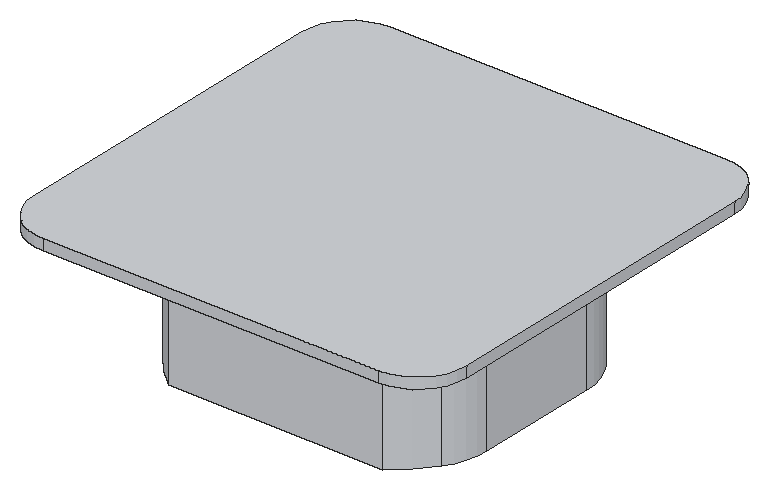
Revit family "Gira_540300", category Electrical Fixtures, host Face, Revit 2017
Family settings
  Host = Face
  Maintain Annotation Orientation = Yes
  Round Connector Dimension = Use Diameter
  Part Type = Normal
  Cut with Voids When Loaded = No
  Shared = No
  Room Calculation Point = No
Parameters (values of type "S3000 Relaisschalteins. Einsatz")
  Zusammenstellung = "Basiselement"
  Werkstoffgüte = "sonstige"
  Werkstoff = "sonstige"
  Verwendbar mit Zeitschalter/Timer = "No"
  Verwendbar mit Taste = "Yes"
  Verwendbar mit Präsenzmelder = "Yes"
  Verwendbar mit IR-Taste = "No"
  Verwendbar mit Funktaste = "No"
  Verwendbar mit Bewegungsmelder = "Yes"
  URL = "http://katalog.gira.de/de_DE/datenblatt.html?artikelnr=540300"
  Transparent = "No"
  Region = "DE"
  Oberfläche = "sonstige"
  Nennspannung = "230 Volt"
  Nebenstelleneingang = "Yes"
  Name = "S3000 Relaisschalteins. Einsatz"
  Montageart = "unter Putz"
  Manufacturer URL = "https://www.gira.de/"
  Lichtwertspeicher = "No"
  Lastart = "sonstige"
  Keynote = "Einsatz_1fach"
  HeinzeBIM = "https://bimportal.heinze.de/bim/s3000-relaisschalteins-einsatz/9acea7945f3274139b40b1c3c1f8143ba9804d9f"
  HAN = "540300"
  GTIN = "4010337048282"
  Frequenz = "50 - 60"
  Farbe = "sonstige"
  Default Elevation = 1219.2 mm
  Data sheet (1) = "https://katalog.gira.de/de_DE/download.html?artikelnr=540300"
  Category = "Elektronischer Schalter"
  Befestigungsart = "Krallen-/Schraubbefestigung"
  Available = "Yes"
  Ausführung der Oberfläche = "nicht zutreffend"
  Ausführung = "Relais"
Reference planes
  plane 1 "Center (Front/Back)": y = 0
  plane 2: z = 0
  plane 3 "Center (Left/Right)": x = 0
Forms (mm)
  Extrusion 1, solid, detail levels fine
    sketch origin (0, 0, 0) x (1, 0, 0) y (0, 1, 0)
      loop
        line (27.475, 35.475) -> (-27.475, 35.475)
        arc (-27.475, 35.475) -> (-33.132, 33.132) -> (-35.475, 27.475) r 8
        line (-35.475, 27.475) -> (-35.475, -27.475)
        arc (-35.475, -27.475) -> (-33.132, -33.132) -> (-27.475, -35.475) r 8
        line (-27.475, -35.475) -> (27.475, -35.475)
        arc (27.475, -35.475) -> (33.132, -33.132) -> (35.475, -27.475) r 8
        line (35.475, -27.475) -> (35.475, 27.475)
        arc (35.475, 27.475) -> (33.132, 33.132) -> (27.475, 35.475) r 8
    from 0 to 1.8
  Extrusion 2, solid, detail levels fine
    sketch origin (0, 0, 0) x (1, 0, 0) y (0, 1, 0)
      loop
        line (9.678, 25.4) -> (-9.678, 25.4)
        arc (-9.678, 25.4) -> (-12.885, 24.922) -> (-15.814, 23.53) r 11
        arc (-15.814, 23.53) -> (-17.795, 22.07) -> (-19.641, 20.444) r 28.35
        arc (-19.641, 20.444) -> (-21.339, 18.665) -> (-22.876, 16.745) r 28.35
        arc (-22.876, 16.745) -> (-24.456, 13.666) -> (-25, 10.248) r 11
        line (-25, 10.248) -> (-25, -10.248)
        arc (-25, -10.248) -> (-24.456, -13.666) -> (-22.876, -16.745) r 11
        arc (-22.876, -16.745) -> (-20.409, -19.677) -> (-17.569, -22.25) r 28.35
        line (-17.569, -22.25) -> (17.569, -22.25)
        arc (17.569, -22.25) -> (20.409, -19.677) -> (22.876, -16.745) r 28.35
        arc (22.876, -16.745) -> (24.456, -13.666) -> (25, -10.248) r 11
        line (25, -10.248) -> (25, 10.248)
        arc (25, 10.248) -> (24.456, 13.666) -> (22.876, 16.745) r 11
        arc (22.876, 16.745) -> (21.593, 18.37) -> (20.195, 19.897) r 28.35
        arc (20.195, 19.897) -> (18.096, 21.823) -> (15.814, 23.53) r 28.35
        arc (15.814, 23.53) -> (12.885, 24.922) -> (9.678, 25.4) r 11
    from 0 to -22
  Extrusion 3, solid, detail levels medium
    sketch origin (0, 0, 0) x (1, 0, 0) y (0, 1, 0)
      loop
        line (-25, 25.4) -> (-25, -22.25) -> (25, -22.25) -> (25, 25.4) -> (-25, 25.4)
    from 0 to -22
  Extrusion 4, solid, detail levels coarse
    sketch origin (0, 0, 0) x (1, 0, 0) y (0, 1, 0)
      loop
        line (35.475, 35.475) -> (-35.475, 35.475) -> (-35.475, -35.475) -> (35.475, -35.475) -> (35.475, 35.475)
    from -22 to 1.8
  Extrusion 5, solid, detail levels medium
    sketch origin (0, 0, 0) x (1, 0, 0) y (0, 1, 0)
      loop
        line (35.475, 35.475) -> (-35.475, 35.475) -> (-35.475, -35.475) -> (35.475, -35.475) -> (35.475, 35.475)
    from 0 to 1.8
Dimensions and locks
  aligned and locked: plane 2 to host face
  aligned and locked: level to host face
  aligned and locked: plane 3 "Center (Left/Right)" to nested 1
  aligned and locked: plane 1 "Center (Front/Back)" to nested 1
Nested families
  nested 1: "RJ45-Datendose Beschriftung" at (0, 0, 0), type "RJ45-Datendose Beschriftung"
Connectors
  electrical at (0, 0, -22)
    settings: on Extrusion 4, index 1, voltage 220 V, apparent load 0 VA, apparent load phase1 0 VA, apparent load phase2 0 VA, apparent load phase3 0 VA, power factor 1, load classification "Other", number of poles 1, system type 30, power factor state 1, is connector primary yes, connector utility no, sub classification motor no, connector description ""
Definition of nested family "RJ45-Datendose Beschriftung"
  Reference planes
    plane 1: y = 0
    plane 2: x = 0
  Lines and regions (mm)
    Filled region 1, type "Gefüllter Bereich 1"
      outline origin (0, 0, 0) x (1, 0, 0) y (0, 1, 0)
        loop
          circle (0, 2.4) r 0.4
    detail lines
      curve 1: line (0, 0, 0) -> (0, 2, 0)
      curve 2: line (0, 2, 0) -> (1.2, 2, 0)
      curve 3: line (1.2, 2, 0) -> (1.2, 3.6, 0)
      curve 4: circle (0, 2.4, 0) r 0.4 normal (0, 0, 1)
      curve 5: line (0, 2, 0) -> (-1.2, 2, 0)
      curve 6: line (-1.2, 2, 0) -> (-1.2, 3.6, 0)
